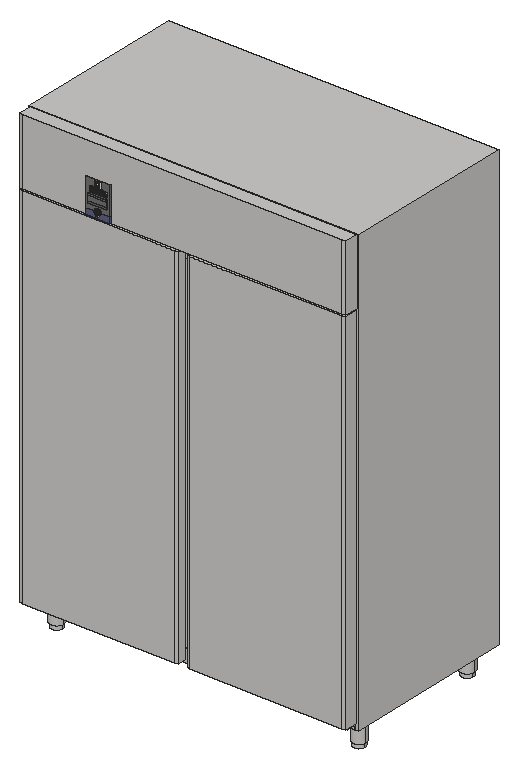
Revit family "QF_ELECTROLUXPROFESSIONAL_725236_REX142FR60MH", category Specialty Equipment, Revit 2018
Family settings
  Round Connector Dimension = Use Diameter
  Part Type = Normal
  Work Plane-Based = No
  Always vertical = Yes
  Cut with Voids When Loaded = No
  Shared = No
  Room Calculation Point = No
Parameters (values of type "Standard")
  Weight = 210.00 kg
  Watts = 0 W
  Volts = 220 V
  URL Manufacturer = "http://professional.electrolux.com"
  URL = "http://professional.electrolux.com"
  Steam Supply Size = 0 mm
  Steam Supply Minimum Pressure = 0.0 Pa
  Steam Supply Maximum Pressure = 0.0 Pa
  Steam Pounds per Hour = 0
  Refrigeration Suction Line Size = 0 mm
  Refrigeration Liquid Line Size = 0 mm
  Refrigerant Compressor Remote = yes
  Manufacturer = "Electrolux Professional"
  Phase = 1
  Model = "REX142FR60MH"
  Length Actual = 1441 mm  # constant formula
  Item Number = "725236"
  Hot Water Size = 0 mm
  Height Actual = 2050 mm  # constant formula
  HP = "0.4 HP"
  Gas Size = 0 mm
  Gas KW = 0
  Gas Input Pressure = 0 W
  Direct Waste Size = 0 mm
  Description = "2-DOOR REFRIG 1430L -2/+10°C DIG. A304 - R290 - MARINE 60HZ"
  Depth Actual = 835 mm  # constant formula
  Cycle = 60 Hz
  Condensate Return Size = 0 mm
  Compressed Air Volume = 0.0 L/s
  Compressed Air Size = 0 mm
  Compressed Air Pressure = 0.0 Pa
  Cold Water Size = 0 mm
  Accessory = yes
Reference planes
  plane 1 "Center (Front/Back)": y = 0
  plane 2: z = 0
  plane 3 "Center (Left/Right)": x = 0
  plane 4 "BASE": z = 110
  plane 5 "TOP": z = 2050
  plane 6 "FRONT": y = -417.5
  plane 7 "BACK": y = 417.5
  plane 8 "LEFT": x = -720.5
  plane 9 "RIGHT": x = 720.5
Forms (mm)
  Extrusion 1, solid, material "QF_Finishes_Stainless Steel"
    sketch origin (0, 0, 0) x (1, 0, 0) y (0, 1, 0)
      loop
        circle (-643.5, 344.5) r 25
      loop
        circle (643.5, 344.5) r 25
      loop
        circle (-660.5, -269.5) r 25
      loop
        circle (660.5, -269.5) r 25
      loop
        circle (0, -121) r 25
    from 0 to 20
  Extrusion 2, solid, material "QF_Finishes_Stainless Steel"
    sketch origin (0, 0, 0) x (1, 0, 0) y (0, 1, 0)
      loop
        circle (-643.5, 344.5) r 30
      loop
        circle (643.5, 344.5) r 30
      loop
        circle (660.5, -269.5) r 30
      loop
        circle (-660.5, -269.5) r 30
      loop
        circle (0, -121) r 30
    from 20 to 110
  Extrusion 3, solid, material "QF_Finishes_Stainless Steel"
    sketch origin (0, 0, 110) x (-1, 0, 0) y (0, -1, 0)
      loop
        line (720.5, -417.5) -> (720.5, 345.5) -> (-720.5, 345.5) -> (-720.5, -417.5) -> (720.5, -417.5)
    from 0 to 1940
  Extrusion 4, solid
    sketch origin (0, 417.5, 1685) x (-1, 0, 0) y (0, 0, 1)
      loop
        circle (704.5, 124) r 10
    from 0 to 3.2
  Extrusion 5, solid, material "QF_Door-Drawer Clearances", detail levels coarse
    sketch origin (0, 0, 110) x (-1, 0, 0) y (0, -1, 0)
      loop
        line (-712.5, 409.5) -> (-648.5, 409.5) -> (-648.5, 1006.5) -> (-666.5, 1006.5) -> (-666.5, 1024.5) -> (-688.5, 1024.5) -> (-688.5, 1062.5) -> (-712.5, 1062.5) -> (-712.5, 409.5)
    from 1642.965 to 28
  Extrusion 6, solid, material "QF_Door-Drawer Clearances", detail levels coarse
    sketch origin (0, 0, 110) x (-1, 0, 0) y (0, -1, 0)
      loop
        line (-648.5, 409.5) -> (0, 409.5)
        arc (0, 409.5) -> (-211.9, 875.546) -> (-688.5, 1062.5) r 681.392
        line (-688.5, 1062.5) -> (-688.5, 1024.5) -> (-666.5, 1024.5) -> (-666.5, 1006.5) -> (-648.5, 1006.5) -> (-648.5, 409.5)
    from 1642.965 to 28
  Extrusion 7, solid, material "QF_Clearances", detail levels coarse
    sketch origin (0, 0, 110) x (-1, 0, 0) y (0, -1, 0)
      loop
        line (720.5, 417.5) -> (720.5, -417.5) -> (-720.5, -417.5) -> (-720.5, 417.5) -> (-740.5, 417.5) -> (-740.5, -447.5) -> (740.5, -447.5) -> (740.5, 417.5) -> (720.5, 417.5)
    from -110 to 1940
  Extrusion 8, solid, material "QF_Clearances", detail levels coarse
    sketch origin (0, 0, 2050) x (-1, 0, 0) y (0, -1, 0)
      loop
        line (740.5, -447.5) -> (740.5, 417.5) -> (-740.5, 417.5) -> (-740.5, -447.5) -> (740.5, -447.5)
    from 0 to 500
  Extrusion 9, void
    sketch origin (0, 417.5, 0) x (-1, 0, 0) y (0, 0, 1)
      loop
        line (645.5, 1724) -> (430, 1724) -> (430, 1695) -> (-430, 1695) -> (-430, 1724) -> (-645.5, 1724) -> (-645.5, 180) -> (-322.75, 170.906) -> (0, 180) -> (322.75, 170.906) -> (645.5, 180) -> (645.5, 1724)
    from -56 to -763
  Extrusion 10, solid, material "QF_Door-Drawer Clearances", detail levels coarse
    sketch origin (0, 0, 110) x (1, 0, 0) y (0, 1, 0)
      loop
        line (-712.5, -409.5) -> (-712.5, -1062.5) -> (-688.5, -1062.5) -> (-688.5, -1024.5) -> (-666.5, -1024.5) -> (-666.5, -1006.5) -> (-648.5, -1006.5) -> (-648.5, -409.5) -> (-712.5, -409.5)
    from 1642.965 to 28
  Extrusion 11, solid, material "QF_Door-Drawer Clearances", detail levels coarse
    sketch origin (0, 0, 110) x (1, 0, 0) y (0, 1, 0)
      loop
        line (-648.5, -409.5) -> (-648.5, -1006.5) -> (-666.5, -1006.5) -> (-666.5, -1024.5) -> (-688.5, -1024.5) -> (-688.5, -1062.5)
        arc (-688.5, -1062.5) -> (-211.9, -875.546) -> (0, -409.5) r 681.392
        line (0, -409.5) -> (-648.5, -409.5)
    from 1642.965 to 28
  Extrusion 12, solid, material "QF_Finishes_Stainless Steel"
    sketch origin (0, 417.5, 0) x (-1, 0, 0) y (0, 0, 1)
      loop
        line (40, 170.62) -> (40, 1695) -> (-40, 1695) -> (-40, 170.62) -> (0, 170) -> (40, 170.62)
    from -723 to -763
  Extrusion 13, solid, material "QF_Finishes_Stainless Steel"
    sketch origin (0, 0, 110) x (-1, 0, 0) y (0, -1, 0)
      loop
        circle (322.75, 254.5) r 7.938
      loop
        circle (-322.75, 254.5) r 7.938
    from 0 to -10
Cuts and joins
  joined: Extrusion 7, Extrusion 8
  Extrusion 9 cuts Extrusion 3
Lines and regions (mm)
  symbolic lines, style "SpecialityEquipmentHiddenLines"
    curve 1: line (712.5, -409.5, 110) -> (712.5, -1062.5, 110)
    curve 2: line (712.5, -1062.5, 110) -> (688.5, -1062.5, 110)
    curve 3: line (648.5, -409.5, 110) -> (648.5, -1006.5, 110)
    curve 4: line (688.5, -1062.5, 110) -> (688.5, -1024.5, 110)
    curve 5: line (688.5, -1024.5, 110) -> (666.5, -1024.5, 110)
    curve 6: line (666.5, -1024.5, 110) -> (666.5, -1006.5, 110)
    curve 7: line (666.5, -1006.5, 110) -> (648.5, -1006.5, 110)
    curve 13: arc (0, -409.5, 110) -> (211.9, -875.546, 110) -> (688.5, -1062.5, 110) r 681.392
    curve 14: line (-712.5, -1062.5, 110) -> (-688.5, -1062.5, 110)
    curve 15: line (-648.5, -409.5, 110) -> (-648.5, -1006.5, 110)
    curve 16: line (-688.5, -1062.5, 110) -> (-688.5, -1024.5, 110)
    curve 17: line (-688.5, -1024.5, 110) -> (-666.5, -1024.5, 110)
    curve 18: line (-666.5, -1024.5, 110) -> (-666.5, -1006.5, 110)
    curve 19: line (-666.5, -1006.5, 110) -> (-648.5, -1006.5, 110)
    curve 20: arc (0, -409.5, 110) -> (-211.9, -875.546, 110) -> (-688.5, -1062.5, 110) r 681.392
    curve 21: line (-712.5, -409.5, 110) -> (-712.5, -1062.5, 110)
  symbolic lines, style "QF_Clearances", detail levels coarse
    curve 8: line (-720.5, -417.5, 2050) -> (-740.5, -417.5, 2050)
    curve 9: line (-740.5, -417.5, 2050) -> (-740.5, 447.5, 2050)
    curve 10: line (-740.5, 447.5, 2050) -> (740.5, 447.5, 2050)
    curve 11: line (740.5, 447.5, 2050) -> (740.5, -417.5, 2050)
    curve 12: line (740.5, -417.5, 2050) -> (720.5, -417.5, 2050)
  symbolic lines
    curve 22: line (720.5, 417.5, 110) -> (-720.5, 417.5, 110)
    curve 23: line (720.5, -345.5, 110) -> (720.5, 417.5, 110)
    curve 24: line (-720.5, -345.5, 110) -> (720.5, -345.5, 110)
    curve 25: line (-720.5, 417.5, 110) -> (-720.5, -345.5, 110)
Dimensions and locks
  equal spacing: plane 7 "BACK", plane 1 "Center (Front/Back)", plane 6 "FRONT"
  equal spacing: plane 8 "LEFT", plane 3 "Center (Left/Right)", plane 9 "RIGHT"
  plane 8 "LEFT" to plane 9 "RIGHT" = 1441 mm
  plane 7 "BACK" to plane 6 "FRONT" = 835 mm
  plane 5 "TOP" to plane 2 = 2050 mm
  aligned and locked: level to plane 2
Automatic sketch dimensions
  curve 12 to plane 6 "FRONT" = 0 mm
  curve 12 to plane 9 "RIGHT" = 0 mm
  curve 8 to plane 6 "FRONT" = 0 mm
  curve 8 to plane 8 "LEFT" = 0 mm
  curve 10 to plane 9 "RIGHT" = 20 mm
  curve 8 to curve 9 = 20 mm
  plane 7 "BACK" to curve 10 = 30 mm
  Extrusion 1 sketch curve to plane 3 "Center (Left/Right)" = 0 mm
  plane 8 "LEFT" to Extrusion 1 sketch curve = 77 mm
  plane 8 "LEFT" to Extrusion 1 sketch curve = 60 mm
  plane 9 "RIGHT" to Extrusion 1 sketch curve = 77 mm
  plane 9 "RIGHT" to Extrusion 1 sketch curve = 60 mm
  plane 6 "FRONT" to Extrusion 1 sketch curve = 148 mm  (x2)
  plane 1 "Center (Front/Back)" to Extrusion 1 sketch curve = 121 mm
  Extrusion 1 sketch curve to plane 7 "BACK" = 73 mm  (x2)
  Extrusion 2 sketch curve to plane 3 "Center (Left/Right)" = 0 mm
  plane 8 "LEFT" to Extrusion 2 sketch curve = 77 mm
  plane 8 "LEFT" to Extrusion 2 sketch curve = 60 mm
  plane 9 "RIGHT" to Extrusion 2 sketch curve = 77 mm
  plane 9 "RIGHT" to Extrusion 2 sketch curve = 60 mm
  plane 6 "FRONT" to Extrusion 2 sketch curve = 148 mm  (x2)
  plane 1 "Center (Front/Back)" to Extrusion 2 sketch curve = 121 mm
  Extrusion 2 sketch curve to plane 7 "BACK" = 73 mm  (x2)
  Extrusion 3 sketch curve to plane 7 "BACK" = 0 mm
  Extrusion 3 sketch curve to plane 9 "RIGHT" = 0 mm
  Extrusion 3 sketch curve to plane 8 "LEFT" = 0 mm
  plane 6 "FRONT" to Extrusion 3 sketch curve = 72 mm
  plane 8 "LEFT" to Extrusion 4 sketch curve = 16 mm
  Extrusion 4 sketch curve to plane 5 "TOP" = 241 mm
  plane 9 "RIGHT" to Extrusion 5 sketch curve = 8 mm
  plane 9 "RIGHT" to Extrusion 5 sketch curve = 32 mm
  Extrusion 5 sketch curve to Extrusion 5 sketch curve = 22 mm
  plane 6 "FRONT" to Extrusion 5 sketch curve = 8 mm
  Extrusion 5 sketch curve to Extrusion 5 sketch curve = 64 mm
  Extrusion 5 sketch curve to plane 6 "FRONT" = 589 mm
  Extrusion 5 sketch curve to Extrusion 5 sketch curve = 18 mm
  Extrusion 5 sketch curve to Extrusion 5 sketch curve = 38 mm
  Extrusion 6 sketch curve to plane 3 "Center (Left/Right)" = 0 mm
  plane 9 "RIGHT" to Extrusion 6 sketch curve = 72 mm
  Extrusion 6 sketch curve to Extrusion 6 sketch curve = 18 mm  (x2)
  plane 9 "RIGHT" to Extrusion 6 sketch curve = 39.698 mm
  Extrusion 6 sketch curve to Extrusion 6 sketch curve = 22 mm
  plane 6 "FRONT" to Extrusion 6 sketch curve = 36.349 mm
  plane 6 "FRONT" to Extrusion 6 sketch curve = 8 mm
  Extrusion 6 sketch curve to Extrusion 6 sketch curve = 56 mm
  Extrusion 7 sketch curve to plane 6 "FRONT" = 0 mm  (x2)
  Extrusion 7 sketch curve to plane 7 "BACK" = 0 mm
  Extrusion 7 sketch curve to plane 9 "RIGHT" = 0 mm
  Extrusion 7 sketch curve to plane 8 "LEFT" = 0 mm
  Extrusion 7 sketch curve to plane 9 "RIGHT" = 20 mm
  Extrusion 7 sketch curve to Extrusion 7 sketch curve = 20 mm
  plane 7 "BACK" to Extrusion 7 sketch curve = 30 mm
  Extrusion 8 sketch curve to plane 6 "FRONT" = 0 mm
  Extrusion 8 sketch curve to plane 9 "RIGHT" = 20 mm
  Extrusion 8 sketch curve to plane 8 "LEFT" = 20 mm
  plane 7 "BACK" to Extrusion 8 sketch curve = 30 mm
  Extrusion 10 sketch curve to plane 8 "LEFT" = 8 mm
  Extrusion 10 sketch curve to plane 8 "LEFT" = 32 mm
  Extrusion 10 sketch curve to Extrusion 10 sketch curve = 22 mm
  Extrusion 10 sketch curve to plane 6 "FRONT" = 8 mm
  Extrusion 10 sketch curve to Extrusion 10 sketch curve = 64 mm
  plane 6 "FRONT" to Extrusion 10 sketch curve = 589 mm
  Extrusion 10 sketch curve to Extrusion 10 sketch curve = 18 mm
  Extrusion 10 sketch curve to Extrusion 10 sketch curve = 38 mm
  Extrusion 11 sketch curve to plane 3 "Center (Left/Right)" = 0 mm
  Extrusion 11 sketch curve to plane 8 "LEFT" = 72 mm
  Extrusion 11 sketch curve to Extrusion 11 sketch curve = 18 mm  (x2)
  Extrusion 11 sketch curve to plane 8 "LEFT" = 39.698 mm
  Extrusion 11 sketch curve to Extrusion 11 sketch curve = 22 mm
  Extrusion 11 sketch curve to plane 6 "FRONT" = 36.349 mm
  Extrusion 11 sketch curve to plane 6 "FRONT" = 8 mm
  Extrusion 11 sketch curve to Extrusion 11 sketch curve = 56 mm
  Extrusion 12 sketch curve to plane 3 "Center (Left/Right)" = 0 mm
  plane 3 "Center (Left/Right)" to Extrusion 12 sketch curve = 40 mm
  Extrusion 12 sketch curve to plane 3 "Center (Left/Right)" = 40 mm
  plane 4 "BASE" to Extrusion 12 sketch curve = 60 mm
  Extrusion 12 sketch curve to Extrusion 12 sketch curve = 0.62 mm  (x2)
  Extrusion 12 sketch curve to Extrusion 12 sketch curve = 1524.38 mm
  Extrusion 9 sketch curve to plane 3 "Center (Left/Right)" = 0 mm
  plane 4 "BASE" to Extrusion 9 sketch curve = 60.906 mm  (x2)
  plane 3 "Center (Left/Right)" to Extrusion 9 sketch curve = 322.75 mm
  plane 9 "RIGHT" to Extrusion 9 sketch curve = 290.5 mm
  plane 9 "RIGHT" to Extrusion 9 sketch curve = 75 mm
  Extrusion 9 sketch curve to plane 3 "Center (Left/Right)" = 322.75 mm
  plane 8 "LEFT" to Extrusion 9 sketch curve = 290.5 mm
  plane 8 "LEFT" to Extrusion 9 sketch curve = 75 mm
  plane 4 "BASE" to Extrusion 9 sketch curve = 70 mm  (x3)
  Extrusion 9 sketch curve to plane 5 "TOP" = 355 mm
  Extrusion 9 sketch curve to Extrusion 9 sketch curve = 29 mm  (x2)
  plane 3 "Center (Left/Right)" to Extrusion 13 sketch curve = 322.75 mm
  Extrusion 13 sketch curve to plane 3 "Center (Left/Right)" = 322.75 mm
  plane 6 "FRONT" to Extrusion 13 sketch curve = 163 mm  (x2)
  curve 24 to plane 9 "RIGHT" = 0 mm
  curve 13 to plane 3 "Center (Left/Right)" = 0 mm
  curve 24 to plane 8 "LEFT" = 0 mm
  curve 25 to plane 7 "BACK" = 0 mm
  plane 9 "RIGHT" to curve 1 = 8 mm
  plane 9 "RIGHT" to curve 4 = 32 mm
  plane 9 "RIGHT" to curve 13 = 39.698 mm
  curve 4 to curve 6 = 22 mm
  curve 6 to curve 7 = 18 mm
  plane 8 "LEFT" to curve 15 = 72 mm
  curve 15 to curve 18 = 18 mm
  plane 8 "LEFT" to curve 20 = 39.698 mm
  plane 8 "LEFT" to curve 14 = 32 mm
  plane 8 "LEFT" to curve 21 = 8 mm
  plane 6 "FRONT" to curve 24 = 72 mm
  plane 6 "FRONT" to curve 20 = 36.349 mm
  plane 6 "FRONT" to curve 13 = 36.349 mm
  curve 6 to plane 6 "FRONT" = 589 mm
  curve 19 to plane 6 "FRONT" = 589 mm
  curve 18 to curve 17 = 18 mm
  curve 6 to curve 4 = 18 mm
  curve 16 to curve 21 = 38 mm
  plane 6 "FRONT" to curve 1 = 8 mm
  plane 6 "FRONT" to curve 15 = 8 mm
  plane 6 "FRONT" to curve 21 = 8 mm
  plane 6 "FRONT" to curve 3 = 8 mm
  radius of Extrusion 1 sketch curve = 25 mm  (x5)
  radius of Extrusion 2 sketch curve = 30 mm  (x5)
  radius of Extrusion 4 sketch curve = 10 mm
  radius of Extrusion 13 sketch curve = 7.938 mm  (x2)
Nested families
  nested 1: "QF_725236_Door" at (0, -345.5, 968.365) x (1, 0, 0) z (0, -1, 0), type "QF_725236_Door"
    with Show Clearance yes
  nested 2: "Refrigerator" at (720.5, -417.5, 110), type "Refrigerator"
Connectors
  electrical at (-704.5, 420.7, 1809), driven by "Volts"
    settings: on Extrusion 4, index 2, voltage 220 V, apparent load 0 VA, apparent load phase1 0 VA, apparent load phase2 0 VA, apparent load phase3 0 VA, power factor 1, load classification "Other", number of poles 1, system type 30, power factor state 1, is connector primary yes, connector utility no, sub classification motor no, connector description "Electrical Connection"
  piping at (322.75, -254.5, 100), diameter 15.875
    settings: on Extrusion 13, index 3, connector inside diameter 609.6 mm, connector length 0 mm, flow factor 0, pipe flow 0.0 L/s, pressure drop 0.0 Pa, fitting loss kfactor 0, connector angle 0.00°, fixture units 0, engagement length 0 mm, angle of deflection 0.00°, flow configuration 1, flow direction 2, fitting loss method 0, system type 16, joint type 0, gender type 0, connector reference index -1, connector utility 0, adjustable connector no, is connector primary yes, connector description "Drain"
  piping at (-322.75, -254.5, 100), diameter 15.875
    settings: on Extrusion 13, index 4, connector inside diameter 609.6 mm, connector length 0 mm, flow factor 0, pipe flow 0.0 L/s, pressure drop 0.0 Pa, fitting loss kfactor 0, connector angle 0.00°, fixture units 0, engagement length 0 mm, angle of deflection 0.00°, flow configuration 1, flow direction 2, fitting loss method 0, system type 16, joint type 0, gender type 0, connector reference index -1, connector utility 0, adjustable connector no, is connector primary no, connector description "Drain"
Definition of nested family "QF_725236_Door"
  Parameters
    Show Clearance [instance] = yes
    Model = "725228"
    Default Elevation = 0 mm
  Reference planes
    plane 1 "Center (Front/Back)": y = 0
    plane 2: z = 0
    plane 3 "Center (Left/Right)": x = 0
    plane 4 "panel": z = 64
  Forms (mm)
    Extrusion 1, solid
      sketch origin (0, -919.2, 0) x (1, 0, 0) y (0, 1, 0)
        loop
          line (-980.5, 2119.2) -> (-980.5, -162.846) -> (881.94, -162.846) -> (881.94, 2119.2) -> (-980.5, 2119.2)
      from 0 to -59.546
    Extrusion 2, solid
      sketch origin (365.5, 0, 0) x (1, 0, 0) y (0, 0, 1)
        loop
          line (-347, 26) -> (-325, 26) -> (-325, 8) -> (-307, 8) -> (-307, 0) -> (339, 0) -> (339, 8) -> (347, 8) -> (347, 60) -> (332, 64) -> (-332, 64) -> (-347, 60) -> (-347, 26)
      from -784.6 to 830.4
    Extrusion 3, solid
      sketch origin (484.5, -516.365, 0) x (0, 1, 0) y (0, 0, 1)
        loop
          line (-323.003, 40.312) -> (-316.501, 40.312) -> (-316.501, 42.812) -> (-325.503, 42.812) -> (-325.503, 2.5) -> (-342, 2.5) -> (-342, 0) -> (-323.003, 0) -> (-323.003, 12.259) -> (-323.003, 40.312)
        loop
          line (-314, 38.311) -> (-316.501, 38.311) -> (-316.501, 14.304) -> (-319.752, 14.304) -> (-319.752, 11.804) -> (-314, 11.804) -> (-314, 38.311)
      from 185 to 220
    Extrusion 4, solid
      sketch origin (484.5, 469.597, 0) x (0, 1, 0) y (0, 0, 1)
        loop
          line (315.003, 27.948) -> (315.003, 2.948) -> (315.003, 0) -> (322.003, 0) -> (322.003, 2.5) -> (317.503, 2.5) -> (317.503, 27.948) -> (315.003, 27.948)
      from 185 to 220
    Extrusion 5, solid
      sketch origin (-365.5, 0, 0) x (-1, 0, 0) y (0, 0, -1)
        loop
          line (-1078, -60) -> (-1063, -64) -> (332, -64) -> (347, -60) -> (347, 0) -> (-1078, 0) -> (-1078, -60)
      from -1081.6 to -791.6
    Extrusion 6, solid
      sketch origin (-365.5, 0, 0) x (-1, 0, 0) y (0, 0, -1)
        loop
          line (-347, -26) -> (-347, -60) -> (-332, -64) -> (332, -64) -> (347, -60) -> (347, -8) -> (339, -8) -> (339, 0) -> (-307, 0) -> (-307, -8) -> (-325, -8) -> (-325, -26) -> (-347, -26)
      from -784.6 to 830.4
    Extrusion 7, solid
      sketch origin (-484.5, -516.365, 0) x (0, 1, 0) y (0, 0, -1)
        loop
          line (-323.003, -40.312) -> (-323.003, -12.259) -> (-323.003, 0) -> (-342, 0) -> (-342, -2.5) -> (-325.503, -2.5) -> (-325.503, -42.812) -> (-316.501, -42.812) -> (-316.501, -40.312) -> (-323.003, -40.312)
        loop
          line (-314, -38.311) -> (-314, -11.804) -> (-319.752, -11.804) -> (-319.752, -14.304) -> (-316.501, -14.304) -> (-316.501, -38.311) -> (-314, -38.311)
      from 185 to 220
    Extrusion 8, solid
      sketch origin (-484.5, 469.597, 0) x (0, 1, 0) y (0, 0, -1)
        loop
          line (315.003, -27.948) -> (317.503, -27.948) -> (317.503, -2.5) -> (322.003, -2.5) -> (322.003, 0) -> (315.003, 0) -> (315.003, -2.948) -> (315.003, -27.948)
      from 185 to 220
  Lines and regions (mm)
    symbolic lines
      curve 1: line (-697.5, 0, 64) -> (697.5, 0, 64)
      curve 2: line (712.5, 0, 0) -> (-712.5, 0, 0)
      curve 3: line (712.5, 0, 60) -> (712.5, 0, 0)
      curve 4: line (704.5, 0, 8) -> (712.5, 0, 8)
      curve 5: line (704.5, 0, 8) -> (704.5, 0, 0)
      curve 6: line (-376.111, 0, 72) -> (-356.111, 0, 72)
      curve 7: line (-376.111, 0, 66) -> (-376.111, 0, 72)
      curve 8: line (-356.111, 0, 72) -> (-356.111, 0, 66)
      curve 9: line (-380.111, 0, 66) -> (-352.111, 0, 66)
      curve 10: line (-380.111, 0, 64) -> (-380.111, 0, 66)
      curve 11: line (-352.111, 0, 66) -> (-352.111, 0, 64)
      curve 12: line (-712.5, 0, 60) -> (-712.5, 0, 0)
      curve 13: line (-704.5, 0, 8) -> (-712.5, 0, 8)
      curve 14: line (-704.5, 0, 8) -> (-704.5, 0, 0)
      curve 15: line (-697.5, 0, 64) -> (-712.5, 0, 60)
      curve 16: line (712.5, 0, 60) -> (697.5, 0, 64)
  Dimensions and locks
    aligned and locked: plane 2 to Extrusion 1
    aligned and locked: level to Extrusion 1
  Nested families
    nested 1: "QF_DisplayStandardCabinets" at (-365.5, 863.6, 64), type "QF_DisplayStandardCabinets"
      with Show Clearance yes
  Definition of nested family "QF_DisplayStandardCabinets"
    Parameters
      Show Clearance [instance] = yes
      Model = "728658"
      Default Elevation = 1219.2 mm
    Reference planes
      plane 1 "Center (Front/Back)": y = 0
      plane 2: z = 0
      plane 3 "Center (Left/Right)": x = 0
    Forms (mm)
      Extrusion 1, solid
        sketch origin (0, -919.2, 0) x (1, 0, 0) y (0, 1, 0)
          loop
            line (-198.75, 1146.2) -> (-198.75, 709.567) -> (165.741, 709.567) -> (165.741, 1146.2) -> (-198.75, 1146.2)
        from 0 to -59.546
      Extrusion 2, solid
        sketch origin (-59, -44.611, 0) x (0, 1, 0) y (-1, 0, 0)
          loop
            circle (0.611, -59) r 14
        from 4 to 7
      Extrusion 3, solid
        sketch origin (744.635, 320.889, 0) x (0, 1, 0) y (-1, 0, 0)
          loop
            circle (-364.889, 744.635) r 10
          loop
            circle (-364.889, 744.635) r 9
        from 4 to 8
      Extrusion 4, solid
        sketch origin (744.635, 320.889, 0) x (0, 1, 0) y (-1, 0, 0)
          loop
            circle (-364.889, 744.635) r 8.7
        from 4 to 8
      Extrusion 5, void
        sketch origin (744.635, 320.889, 0) x (0, 1, 0) y (-1, 0, 0)
          loop
            line (-372.339, 745.885) -> (-372.339, 743.385) -> (-362.339, 743.385) -> (-362.339, 745.885) -> (-372.339, 745.885)
        from 8.592 to 6.269
      Extrusion 6, solid
        sketch origin (744.635, 320.889, 0) x (0, 1, 0) y (-1, 0, 0)
          loop
            line (-372.339, 745.885) -> (-372.339, 743.385) -> (-362.339, 743.385) -> (-362.339, 745.885) -> (-372.339, 745.885)
        from 6 to 8
      Extrusion 7, solid
        sketch origin (0, 0, 0) x (1, 0, 0) y (0, 1, 0)
          loop
            line (-51.473, 80) -> (-51.473, -44) -> (-14, -44)
            arc (-14, -44) -> (0, -30) -> (14, -44) r 14
            line (14, -44) -> (50.954, -44) -> (50.954, 80) -> (-51.473, 80)
        from 0 to 4
      Extrusion 8, solid
        sketch origin (0, -30, 0) x (0, 1, 0) y (0, 0, 1)
          loop
            line (10.404, 4) -> (17.404, 4) -> (17.404, 8)
            arc (17.404, 8) -> (13.868, 7.749) -> (10.404, 7) r 25
            line (10.404, 7) -> (10.404, 4)
          loop
            arc (47.404, 7) -> (43.939, 7.749) -> (40.404, 8) r 25
            line (40.404, 8) -> (40.404, 4) -> (47.404, 4) -> (47.404, 7)
        from 40 to -40
      Extrusion 9, solid
        sketch origin (0, -30, 0) x (1, 0, 0) y (0, 1, 0)
          loop
            line (-40, 40.404) -> (-40, 17.404) -> (40, 17.404) -> (40, 40.404) -> (-40, 40.404)
        from 8 to 4
      Extrusion 10, solid
        sketch origin (46.005, 87.683, 0) x (1, 0, 0) y (0, 1, 0)
          loop
            line (-43.063, -13.359) -> (-43.063, -33.154)
            arc (-43.063, -33.154) -> (-35.746, -23.257) -> (-43.063, -13.359) r 10.352
          loop
            arc (-44.07, -13.359) -> (-52.302, -15.23) -> (-56.268, -22.683) r 10.145
            line (-56.268, -22.683) -> (-52.994, -22.683)
            arc (-52.994, -22.683) -> (-47.143, -20.308) -> (-44.07, -14.793) r 9.509
            line (-44.07, -14.793) -> (-44.07, -13.359)
          loop
            arc (-44.07, -31.721) -> (-47.143, -26.205) -> (-52.994, -23.831) r 9.509
            line (-52.994, -23.831) -> (-56.268, -23.831)
            arc (-56.268, -23.831) -> (-52.309, -31.345) -> (-44.07, -33.408) r 10.411
            line (-44.07, -33.408) -> (-44.07, -31.721)
          loop
            line (-57.02, -12.279) -> (-57.02, -34.279) -> (-34.99, -34.279) -> (-34.99, -12.279) -> (-57.02, -12.279)
        from 4 to 5.6
      Extrusion 11, solid
        sketch origin (-12.866, 61.032, 0) x (1, 0, 0) y (0, 1, 0)
          loop
            line (-15.272, -12.492) -> (-22.708, -12.492) -> (-22.708, -21.151)
            arc (-22.708, -21.151) -> (-21.729, -23.514) -> (-19.367, -24.492) r 3.341
            line (-19.367, -24.492) -> (-15.128, -24.492) -> (-15.128, -22.55) -> (-18.883, -22.55)
            arc (-18.883, -22.55) -> (-20.117, -22.133) -> (-20.642, -20.941) r 1.615
            line (-20.642, -20.941) -> (-20.642, -19.224) -> (-15.593, -19.224) -> (-15.593, -17.274) -> (-20.642, -17.274) -> (-20.642, -14.436) -> (-15.272, -14.436) -> (-15.272, -12.492)
          loop
            line (-13.66, -12.492) -> (-13.66, -24.492) -> (-11.593, -24.492) -> (-11.593, -12.492) -> (-13.66, -12.492)
          loop
            line (31.232, -12.492) -> (31.232, -24.492) -> (33.3, -24.492) -> (33.3, -12.492) -> (31.232, -12.492)
          loop
            line (-8.175, -20.66) -> (-1.392, -20.66)
            arc (-1.392, -20.66) -> (-2.453, -16.934) -> (-6.081, -15.575) r 4.298
            arc (-6.081, -15.575) -> (-9.277, -17.196) -> (-10.188, -20.66) r 4.373
            arc (-10.188, -20.66) -> (-8.988, -23.558) -> (-6.091, -24.758) r 4.097
            arc (-6.091, -24.758) -> (-3.837, -24.425) -> (-1.946, -23.152) r 5.15
            line (-1.946, -23.152) -> (-3.171, -21.928)
            arc (-3.171, -21.928) -> (-4.778, -22.892) -> (-6.645, -22.73) r 3.039
            arc (-6.645, -22.73) -> (-7.784, -21.972) -> (-8.175, -20.66) r 2.013
          loop
            line (-8.123, -19.207) -> (-3.469, -19.207)
            arc (-3.469, -19.207) -> (-4.122, -17.833) -> (-5.557, -17.326) r 1.983
            arc (-5.557, -17.326) -> (-7.213, -17.758) -> (-8.123, -19.207) r 2.321
          loop
            line (6.665, -18.342) -> (7.963, -17.044)
            arc (7.963, -17.044) -> (6.336, -15.866) -> (4.358, -15.514) r 4.497
            arc (4.358, -15.514) -> (1.341, -16.616) -> (-0.242, -19.411) r 4.652
            arc (-0.242, -19.411) -> (2.426, -24.31) -> (7.89, -23.18) r 4.684
            line (7.89, -23.18) -> (6.599, -21.89)
            arc (6.599, -21.89) -> (3.813, -22.811) -> (1.817, -20.66) r 2.714
            arc (1.817, -20.66) -> (1.956, -18.959) -> (3.127, -17.718) r 2.578
            arc (3.127, -17.718) -> (5.002, -17.432) -> (6.665, -18.342) r 2.961
          loop
            line (9.233, -12.492) -> (9.233, -20.693)
            arc (9.233, -20.693) -> (9.411, -21.923) -> (9.872, -23.078) r 5.301
            arc (9.872, -23.078) -> (11.347, -24.251) -> (13.216, -24.498) r 3.531
            line (13.216, -24.498) -> (13.216, -22.561)
            arc (13.216, -22.561) -> (12.66, -22.519) -> (12.142, -22.313) r 1.862
            arc (12.142, -22.313) -> (11.478, -21.611) -> (11.3, -20.66) r 1.713
            line (11.3, -20.66) -> (11.3, -17.691) -> (13.177, -17.691) -> (13.177, -15.813) -> (11.3, -15.813) -> (11.3, -12.492) -> (9.233, -12.492)
          loop
            arc (16.966, -19.93) -> (17.114, -19.065) -> (17.54, -18.298) r 2.607
            arc (17.54, -18.298) -> (18.779, -17.662) -> (20.17, -17.691) r 2.84
            line (20.17, -17.691) -> (20.17, -15.704)
            arc (20.17, -15.704) -> (18.352, -15.876) -> (16.966, -17.064) r 3.016
            line (16.966, -17.064) -> (16.966, -15.813) -> (14.916, -15.813) -> (14.916, -24.492) -> (16.966, -24.492) -> (16.966, -19.93)
          loop
            circle (25.224, -20.154) r 4.599
          loop
            circle (25.224, -20.154) r 2.787
          loop
            arc (40.755, -20.878) -> (40.245, -22.281) -> (38.861, -22.84) r 1.835
            arc (38.861, -22.84) -> (37.476, -22.281) -> (36.966, -20.878) r 1.835
            line (36.966, -20.878) -> (36.966, -15.813) -> (34.881, -15.813) -> (34.881, -21.05)
            arc (34.881, -21.05) -> (36.067, -23.754) -> (38.861, -24.712) r 3.675
            arc (38.861, -24.712) -> (41.685, -23.725) -> (42.839, -20.965) r 3.675
            line (42.839, -20.965) -> (42.839, -15.813) -> (40.755, -15.813) -> (40.755, -20.878)
          loop
            line (44.088, -15.813) -> (47.09, -19.889) -> (43.792, -24.495) -> (46.014, -24.495) -> (48.203, -21.438) -> (50.424, -24.495) -> (52.632, -24.495) -> (49.381, -19.842) -> (52.354, -15.813) -> (50.097, -15.813) -> (48.196, -18.39) -> (46.324, -15.813) -> (44.088, -15.813)
          loop
            line (-21.545, -29.467) -> (-23.194, -29.467) -> (-23.194, -33.617) -> (-22.292, -33.617) -> (-22.292, -32.188) -> (-21.295, -32.188)
            arc (-21.295, -32.188) -> (-20.179, -30.713) -> (-21.545, -29.467) r 1.372
          loop
            arc (-21.334, -31.373) -> (-20.993, -30.839) -> (-21.334, -30.306) r 0.587
            line (-21.334, -30.306) -> (-22.292, -30.306) -> (-22.292, -31.373) -> (-21.334, -31.373)
          loop
            line (-15.033, -29.467) -> (-16.71, -29.467) -> (-16.71, -33.617) -> (-15.808, -33.617) -> (-15.808, -32.188) -> (-14.935, -32.188) -> (-14.339, -33.617) -> (-13.37, -33.617) -> (-14.186, -31.867)
            arc (-14.186, -31.867) -> (-13.795, -31.4) -> (-13.664, -30.805) r 1.281
            arc (-13.664, -30.805) -> (-14.076, -29.857) -> (-15.033, -29.467) r 1.37
          loop
            line (-15.808, -30.306) -> (-15.808, -31.373) -> (-14.85, -31.373)
            arc (-14.85, -31.373) -> (-14.509, -30.839) -> (-14.85, -30.306) r 0.587
            line (-14.85, -30.306) -> (-15.808, -30.306)
          loop
            circle (-8.072, -31.542) r 2.156
          loop
            circle (-8.072, -31.542) r 1.368
          loop
            line (-2.373, -29.467) -> (-2.373, -33.617) -> (-1.493, -33.617) -> (-1.493, -32.167) -> (0.069, -32.167) -> (0.069, -31.237) -> (-1.493, -31.237) -> (-1.493, -30.361) -> (0.219, -30.361) -> (0.219, -29.467) -> (-2.373, -29.467)
          loop
            line (3.719, -29.467) -> (3.719, -32.269)
            arc (3.719, -32.269) -> (4.101, -33.219) -> (5.046, -33.614) r 1.327
            line (5.046, -33.614) -> (6.385, -33.614) -> (6.385, -32.83) -> (5.126, -32.83)
            arc (5.126, -32.83) -> (4.662, -32.447) -> (4.571, -31.852) r 0.845
            line (4.571, -31.852) -> (6.23, -31.852) -> (6.23, -31.068) -> (4.571, -31.068) -> (4.571, -30.251) -> (6.345, -30.251) -> (6.345, -29.467) -> (3.719, -29.467)
          loop
            arc (18.747, -29.993) -> (18.197, -29.542) -> (17.501, -29.398) r 1.485
            arc (17.501, -29.398) -> (16.858, -29.556) -> (16.329, -29.955) r 1.645
            arc (16.329, -29.955) -> (16.232, -30.897) -> (16.84, -31.624) r 1.217
            arc (16.84, -31.624) -> (17.351, -31.794) -> (17.836, -32.029) r 4.201
            arc (17.836, -32.029) -> (18.142, -32.39) -> (17.931, -32.814) r 0.43
            arc (17.931, -32.814) -> (17.539, -32.906) -> (17.149, -32.807) r 0.846
            arc (17.149, -32.807) -> (16.811, -32.564) -> (16.605, -32.203) r 0.983
            line (16.605, -32.203) -> (15.879, -32.542)
            arc (15.879, -32.542) -> (16.14, -33.046) -> (16.562, -33.427) r 1.595
            arc (16.562, -33.427) -> (17.04, -33.631) -> (17.557, -33.683) r 1.719
            arc (17.557, -33.683) -> (18.196, -33.556) -> (18.772, -33.25) r 2.246
            arc (18.772, -33.25) -> (19.027, -32.573) -> (18.896, -31.863) r 1.349
            arc (18.896, -31.863) -> (18.612, -31.535) -> (18.249, -31.298) r 1.564
            arc (18.249, -31.298) -> (17.79, -31.093) -> (17.32, -30.917) r 8.236
            arc (17.32, -30.917) -> (17.048, -30.494) -> (17.441, -30.181) r 0.375
            arc (17.441, -30.181) -> (17.911, -30.294) -> (18.273, -30.616) r 0.998
            line (18.273, -30.616) -> (18.747, -29.993)
          loop
            line (22.554, -29.467) -> (22.554, -33.614) -> (23.407, -33.614) -> (23.407, -29.467) -> (22.554, -29.467)
          loop
            circle (29.157, -31.541) r 1.29
          loop
            circle (29.157, -31.541) r 2.154
          loop
            line (34.878, -33.614) -> (35.739, -33.614) -> (35.739, -31.007) -> (37.636, -33.614) -> (38.465, -33.614) -> (38.465, -29.467) -> (37.604, -29.467) -> (37.604, -32.154) -> (35.707, -29.467) -> (34.878, -29.467) -> (34.878, -33.614)
          loop
            line (42.765, -33.614) -> (43.169, -32.72) -> (44.703, -32.72) -> (45.106, -33.614) -> (46.023, -33.614) -> (44.271, -29.467) -> (43.471, -29.467) -> (41.849, -33.614) -> (42.765, -33.614)
          loop
            line (44.32, -31.869) -> (43.909, -30.958) -> (43.51, -31.869) -> (44.32, -31.869)
          loop
            line (50.258, -32.83) -> (50.258, -29.467) -> (49.406, -29.467) -> (49.406, -33.614) -> (51.853, -33.614) -> (51.853, -32.83) -> (50.258, -32.83)
          loop
            arc (12.529, -29.993) -> (11.98, -29.542) -> (11.284, -29.398) r 1.485
            arc (11.284, -29.398) -> (10.641, -29.556) -> (10.112, -29.955) r 1.645
            arc (10.112, -29.955) -> (10.014, -30.897) -> (10.622, -31.624) r 1.217
            arc (10.622, -31.624) -> (11.133, -31.794) -> (11.618, -32.029) r 4.201
            arc (11.618, -32.029) -> (11.925, -32.39) -> (11.714, -32.814) r 0.43
            arc (11.714, -32.814) -> (11.322, -32.906) -> (10.931, -32.807) r 0.846
            arc (10.931, -32.807) -> (10.594, -32.564) -> (10.387, -32.203) r 0.983
            line (10.387, -32.203) -> (9.662, -32.542)
            arc (9.662, -32.542) -> (9.923, -33.046) -> (10.345, -33.427) r 1.595
            arc (10.345, -33.427) -> (10.823, -33.631) -> (11.34, -33.683) r 1.719
            arc (11.34, -33.683) -> (11.979, -33.556) -> (12.555, -33.25) r 2.246
            arc (12.555, -33.25) -> (12.809, -32.573) -> (12.678, -31.863) r 1.349
            arc (12.678, -31.863) -> (12.394, -31.535) -> (12.031, -31.298) r 1.564
            arc (12.031, -31.298) -> (11.573, -31.093) -> (11.102, -30.917) r 8.236
            arc (11.102, -30.917) -> (10.83, -30.494) -> (11.223, -30.181) r 0.375
            arc (11.223, -30.181) -> (11.694, -30.294) -> (12.056, -30.616) r 0.998
            line (12.056, -30.616) -> (12.529, -29.993)
        from 4 to 5.6
      Extrusion 12, solid
        sketch origin (0, 0, 0) x (1, 0, 0) y (0, 1, 0)
          loop
            line (-51.473, -44) -> (-51.473, -70) -> (50.954, -70) -> (50.954, -44) -> (14, -44)
            arc (14, -44) -> (0, -58) -> (-14, -44) r 14
            line (-14, -44) -> (-51.473, -44)
        from 0 to 4
    Cuts and joins
      Extrusion 5 cuts Extrusion 4
      joined: Extrusion 8, Extrusion 9
    Lines and regions (mm)
      Split face 1
        outline origin (-41, 10.404, 8) x (-1, 0, 0) y (0, -1, 0)
          loop
            line (-72.157, 0.05) -> (-72.157, 10.5) -> (-78.157, 10.5) -> (-78.157, 0.05) -> (-72.157, 0.05)
      Split face 2
        outline origin (-50, 10.404, 8) x (-1, 0, 0) y (0, -1, 0)
          loop
            line (-72.157, 0.05) -> (-72.157, 10.5) -> (-78.157, 10.5) -> (-78.157, 0.05) -> (-72.157, 0.05)
      Split face 3
        outline origin (-50, 10.404, 8) x (-1, 0, 0) y (0, -1, 0)
          loop
            line (-72.157, 12.45) -> (-72.157, 22.9) -> (-78.157, 22.9) -> (-78.157, 12.45) -> (-72.157, 12.45)
      Split face 4
        outline origin (-50, 10.404, 8) x (-1, 0, 0) y (0, -1, 0)
          loop
            line (-81.157, 12.45) -> (-81.157, 22.9) -> (-87.157, 22.9) -> (-87.157, 12.45) -> (-81.157, 12.45)
      Split face 5
        outline origin (-50, 10.404, 8) x (-1, 0, 0) y (0, -1, 0)
          loop
            line (-13, 0.1) -> (-13, 22.9) -> (-69, 22.9) -> (-69, 0.1) -> (-13, 0.1)
      symbolic lines
        curve 1: line (52.518, 0, 4) -> (-53.037, 0, 4)
        curve 2: line (40, 0, 4) -> (40, 0, 8)
        curve 3: line (40, 0, 8) -> (-40, 0, 8)
        curve 4: line (-40, 0, 8) -> (-40, 0, 4)
        curve 5: line (-64.765, 0, 0) -> (-53.037, 0, 4)
        curve 6: line (52.518, 0, 4) -> (64.135, 0, 0)
    Dimensions and locks
      aligned and locked: plane 2 to Extrusion 1
      aligned and locked: level to Extrusion 1
Definition of nested family "Refrigerator"
  Reference planes
    plane 1 "Center (Front/Back)": y = 0
    plane 2: z = 0
    plane 3 "Center (Left/Right)": x = 0
  Lines and regions (mm)
    detail lines, in view "Ref. Level"
      curve 1: spline (-500, 190, 0) -> (-493.185, 166.706, 0) -> (-473.205, 145, 0) -> (-441.421, 126.36, 0) -> (-400, 112.058, 0) -> (-351.764, 103.067, 0) -> (-300, 100, 0) -> (-248.236, 103.067, 0) -> (-200, 112.058, 0) -> (-158.579, 126.36, 0) -> (-126.795, 145, 0) -> (-106.815, 166.706, 0) -> (-100, 190, 0) -> (-106.815, 213.294, 0) -> (-126.795, 235, 0) -> (-158.579, 253.64, 0) -> (-200, 267.942, 0) -> (-248.236, 276.933, 0) -> (-300, 280, 0) -> (-351.764, 276.933, 0) -> (-400, 267.942, 0) -> (-441.421, 253.64, 0) -> (-473.205, 235, 0) -> (-493.185, 213.294, 0) -> (-500, 190, 0)
      curve 2: line (-300, 130, 0) -> (-300, 250, 0)
      curve 3: line (-351.962, 220, 0) -> (-248.038, 160, 0)
      curve 4: line (-351.962, 160, 0) -> (-248.038, 220, 0)
      curve 5: line (-280.884, 246.873, 0) -> (-300, 225, 0)
      curve 6: line (-300, 225, 0) -> (-319.116, 246.873, 0)
      curve 7: line (-330.311, 207.5, 0) -> (-339.696, 234.992, 0)
      curve 8: line (-358.812, 201.882, 0) -> (-330.311, 207.5, 0)
      curve 9: line (-330.311, 172.5, 0) -> (-358.812, 178.118, 0)
      curve 10: line (-339.696, 145.008, 0) -> (-330.311, 172.5, 0)
      curve 11: line (-300, 155, 0) -> (-319.116, 133.127, 0)
      curve 12: line (-280.884, 133.127, 0) -> (-300, 155, 0)
      curve 13: line (-269.689, 172.5, 0) -> (-260.304, 145.008, 0)
      curve 14: line (-241.188, 178.118, 0) -> (-269.689, 172.5, 0)
      curve 15: line (-269.689, 207.5, 0) -> (-241.188, 201.882, 0)
      curve 16: line (-260.304, 234.992, 0) -> (-269.689, 207.5, 0)
